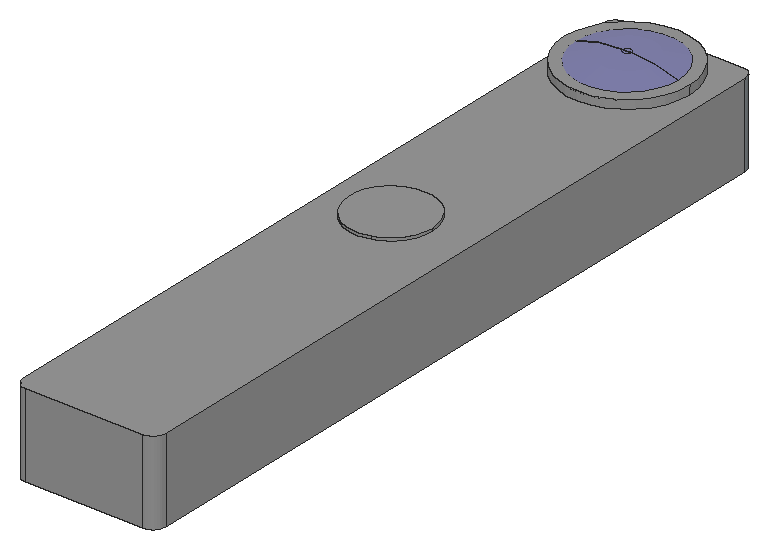
Revit family "VideoIntercom_TD33-53-63", category Security Devices, host Face, Revit 2019 (continued)
Definition of nested family "Speaker-RP"
  Lines and regions (in)
    model lines, visible <- "Speaker Wide"
      curve 621: circle (-1.71875, -3.29375, 0) r 0.04395 normal (0, 0, -1)
      curve 622: circle (-1.5625, -3.29375, 0) r 0.04395 normal (0, 0, -1)
      curve 623: circle (-1.40625, -3.29375, 0) r 0.04395 normal (0, 0, -1)
      curve 624: circle (-1.25, -3.29375, 0) r 0.04395 normal (0, 0, -1)
      curve 625: circle (-1.09375, -3.29375, 0) r 0.04395 normal (0, 0, -1)
      curve 626: circle (1.09375, -3.29375, 0) r 0.04395 normal (0, 0, -1)
      curve 627: circle (1.25, -3.29375, 0) r 0.04395 normal (0, 0, -1)
      curve 628: circle (1.40625, -3.29375, 0) r 0.04395 normal (0, 0, -1)
      curve 629: circle (1.5625, -3.29375, 0) r 0.04395 normal (0, 0, -1)
      curve 630: circle (1.71875, -3.29375, 0) r 0.04395 normal (0, 0, -1)
      curve 631: circle (1.875, -3.29375, 0) r 0.04395 normal (0, 0, -1)
      curve 632: circle (2.03125, -3.29375, 0) r 0.04395 normal (0, 0, -1)
      curve 633: circle (2.1875, -3.29375, 0) r 0.04395 normal (0, 0, -1)
      curve 634: circle (-2.1875, -3.45, 0) r 0.04395 normal (0, 0, -1)
      curve 635: circle (-2.03125, -3.45, 0) r 0.04395 normal (0, 0, -1)
      curve 636: circle (-1.875, -3.45, 0) r 0.04395 normal (0, 0, -1)
      curve 637: circle (-1.71875, -3.45, 0) r 0.04395 normal (0, 0, -1)
      curve 638: circle (-1.5625, -3.45, 0) r 0.04395 normal (0, 0, -1)
      curve 639: circle (-1.40625, -3.45, 0) r 0.04395 normal (0, 0, -1)
      curve 640: circle (-1.25, -3.45, 0) r 0.04395 normal (0, 0, -1)
      curve 641: circle (-1.09375, -3.45, 0) r 0.04395 normal (0, 0, -1)
      curve 642: circle (1.09375, -3.45, 0) r 0.04395 normal (0, 0, -1)
      curve 643: circle (1.25, -3.45, 0) r 0.04395 normal (0, 0, -1)
      curve 644: circle (1.40625, -3.45, 0) r 0.04395 normal (0, 0, -1)
      curve 645: circle (1.5625, -3.45, 0) r 0.04395 normal (0, 0, -1)
      curve 646: circle (1.71875, -3.45, 0) r 0.04395 normal (0, 0, -1)
      curve 647: circle (1.875, -3.45, 0) r 0.04395 normal (0, 0, -1)
      curve 648: circle (2.03125, -3.45, 0) r 0.04395 normal (0, 0, -1)
      curve 649: circle (2.1875, -3.45, 0) r 0.04395 normal (0, 0, -1)
      curve 650: circle (-2.1875, -3.60625, 0) r 0.04395 normal (0, 0, -1)
      curve 651: circle (-2.03125, -3.60625, 0) r 0.04395 normal (0, 0, -1)
      curve 652: circle (-1.875, -3.60625, 0) r 0.04395 normal (0, 0, -1)
      curve 653: circle (-1.71875, -3.60625, 0) r 0.04395 normal (0, 0, -1)
      curve 654: circle (-1.5625, -3.60625, 0) r 0.04395 normal (0, 0, -1)
      curve 655: circle (-1.40625, -3.60625, 0) r 0.04395 normal (0, 0, -1)
      curve 656: circle (-1.25, -3.60625, 0) r 0.04395 normal (0, 0, -1)
      curve 657: circle (-1.09375, -3.60625, 0) r 0.04395 normal (0, 0, -1)
      curve 658: circle (1.09375, -3.60625, 0) r 0.04395 normal (0, 0, -1)
      curve 659: circle (1.25, -3.60625, 0) r 0.04395 normal (0, 0, -1)
      curve 660: circle (1.40625, -3.60625, 0) r 0.04395 normal (0, 0, -1)
      curve 661: circle (1.5625, -3.60625, 0) r 0.04395 normal (0, 0, -1)
      curve 662: circle (1.71875, -3.60625, 0) r 0.04395 normal (0, 0, -1)
      curve 663: circle (1.875, -3.60625, 0) r 0.04395 normal (0, 0, -1)
      curve 664: circle (2.03125, -3.60625, 0) r 0.04395 normal (0, 0, -1)
      curve 665: circle (2.1875, -3.60625, 0) r 0.04395 normal (0, 0, -1)
      curve 666: circle (-2.1875, -3.7625, 0) r 0.04395 normal (0, 0, -1)
      curve 667: circle (-2.03125, -3.7625, 0) r 0.04395 normal (0, 0, -1)
      curve 668: circle (-1.875, -3.7625, 0) r 0.04395 normal (0, 0, -1)
      curve 669: circle (-1.71875, -3.7625, 0) r 0.04395 normal (0, 0, -1)
      curve 670: circle (-1.5625, -3.7625, 0) r 0.04395 normal (0, 0, -1)
      curve 671: circle (-1.40625, -3.7625, 0) r 0.04395 normal (0, 0, -1)
      curve 672: circle (-1.25, -3.7625, 0) r 0.04395 normal (0, 0, -1)
      curve 673: circle (-1.09375, -3.7625, 0) r 0.04395 normal (0, 0, -1)
      curve 674: circle (1.09375, -3.7625, 0) r 0.04395 normal (0, 0, -1)
      curve 675: circle (1.25, -3.7625, 0) r 0.04395 normal (0, 0, -1)
      curve 676: circle (1.40625, -3.7625, 0) r 0.04395 normal (0, 0, -1)
      curve 677: circle (1.5625, -3.7625, 0) r 0.04395 normal (0, 0, -1)
      curve 678: circle (1.71875, -3.7625, 0) r 0.04395 normal (0, 0, -1)
      curve 679: circle (1.875, -3.7625, 0) r 0.04395 normal (0, 0, -1)
      curve 680: circle (2.03125, -3.7625, 0) r 0.04395 normal (0, 0, -1)
      curve 681: circle (2.1875, -3.7625, 0) r 0.04395 normal (0, 0, -1)
      curve 682: circle (-2.1875, -3.91875, 0) r 0.04395 normal (0, 0, -1)
      curve 683: circle (-2.03125, -3.91875, 0) r 0.04395 normal (0, 0, -1)
      curve 684: circle (-1.875, -3.91875, 0) r 0.04395 normal (0, 0, -1)
      curve 685: circle (-1.71875, -3.91875, 0) r 0.04395 normal (0, 0, -1)
      curve 686: circle (-1.5625, -3.91875, 0) r 0.04395 normal (0, 0, -1)
      curve 687: circle (-1.40625, -3.91875, 0) r 0.04395 normal (0, 0, -1)
      curve 688: circle (-1.25, -3.91875, 0) r 0.04395 normal (0, 0, -1)
      curve 689: circle (-1.09375, -3.91875, 0) r 0.04395 normal (0, 0, -1)
      curve 690: circle (1.09375, -3.91875, 0) r 0.04395 normal (0, 0, -1)
      curve 691: circle (1.25, -3.91875, 0) r 0.04395 normal (0, 0, -1)
      curve 692: circle (1.40625, -3.91875, 0) r 0.04395 normal (0, 0, -1)
      curve 693: circle (1.5625, -3.91875, 0) r 0.04395 normal (0, 0, -1)
      curve 694: circle (1.71875, -3.91875, 0) r 0.04395 normal (0, 0, -1)
      curve 695: circle (1.875, -3.91875, 0) r 0.04395 normal (0, 0, -1)
      curve 696: circle (2.03125, -3.91875, 0) r 0.04395 normal (0, 0, -1)
      curve 697: circle (2.1875, -3.91875, 0) r 0.04395 normal (0, 0, -1)
      curve 698: circle (-2.1875, -4.075, 0) r 0.04395 normal (0, 0, -1)
      curve 699: circle (-2.03125, -4.075, 0) r 0.04395 normal (0, 0, -1)
      curve 700: circle (-1.875, -4.075, 0) r 0.04395 normal (0, 0, -1)
      curve 701: circle (-1.71875, -4.075, 0) r 0.04395 normal (0, 0, -1)
      curve 702: circle (-1.5625, -4.075, 0) r 0.04395 normal (0, 0, -1)
      curve 703: circle (-1.40625, -4.075, 0) r 0.04395 normal (0, 0, -1)
      curve 704: circle (-1.25, -4.075, 0) r 0.04395 normal (0, 0, -1)
      curve 705: circle (-1.09375, -4.075, 0) r 0.04395 normal (0, 0, -1)
      curve 706: circle (1.09375, -4.075, 0) r 0.04395 normal (0, 0, -1)
      curve 707: circle (1.25, -4.075, 0) r 0.04395 normal (0, 0, -1)
      curve 708: circle (1.40625, -4.075, 0) r 0.04395 normal (0, 0, -1)
      curve 709: circle (1.5625, -4.075, 0) r 0.04395 normal (0, 0, -1)
      curve 710: circle (1.71875, -4.075, 0) r 0.04395 normal (0, 0, -1)
      curve 711: circle (1.875, -4.075, 0) r 0.04395 normal (0, 0, -1)
      curve 712: circle (2.03125, -4.075, 0) r 0.04395 normal (0, 0, -1)
      curve 713: circle (2.1875, -4.075, 0) r 0.04395 normal (0, 0, -1)
      curve 714: circle (-2.1875, -4.23125, 0) r 0.04395 normal (0, 0, -1)
      curve 715: circle (-2.03125, -4.23125, 0) r 0.04395 normal (0, 0, -1)
      curve 716: circle (-1.875, -4.23125, 0) r 0.04395 normal (0, 0, -1)
      curve 717: circle (-1.71875, -4.23125, 0) r 0.04395 normal (0, 0, -1)
      curve 718: circle (-1.5625, -4.23125, 0) r 0.04395 normal (0, 0, -1)
      curve 719: circle (-1.40625, -4.23125, 0) r 0.04395 normal (0, 0, -1)
      curve 720: circle (-1.25, -4.23125, 0) r 0.04395 normal (0, 0, -1)
      curve 721: circle (-1.09375, -4.23125, 0) r 0.04395 normal (0, 0, -1)
      curve 722: circle (-0.9375, -4.23125, 0) r 0.04395 normal (0, 0, -1)
      curve 723: circle (-0.78125, -4.23125, 0) r 0.04395 normal (0, 0, -1)
      curve 724: circle (-0.625, -4.23125, 0) r 0.04395 normal (0, 0, -1)
      curve 725: circle (-0.46875, -4.23125, 0) r 0.04395 normal (0, 0, -1)
      curve 726: circle (-0.3125, -4.23125, 0) r 0.04395 normal (0, 0, -1)
      curve 727: circle (-0.15625, -4.23125, 0) r 0.04395 normal (0, 0, -1)
      curve 728: circle (0, -4.23125, 0) r 0.04395 normal (0, 0, -1)
      curve 729: circle (0.15625, -4.23125, 0) r 0.04395 normal (0, 0, -1)
      curve 730: circle (0.3125, -4.23125, 0) r 0.04395 normal (0, 0, -1)
      curve 731: circle (0.46875, -4.23125, 0) r 0.04395 normal (0, 0, -1)
      curve 732: circle (0.625, -4.23125, 0) r 0.04395 normal (0, 0, -1)
      curve 733: circle (0.78125, -4.23125, 0) r 0.04395 normal (0, 0, -1)
      curve 734: circle (0.9375, -4.23125, 0) r 0.04395 normal (0, 0, -1)
      curve 735: circle (1.09375, -4.23125, 0) r 0.04395 normal (0, 0, -1)
      curve 736: circle (1.25, -4.23125, 0) r 0.04395 normal (0, 0, -1)
      curve 737: circle (1.40625, -4.23125, 0) r 0.04395 normal (0, 0, -1)
      curve 738: circle (1.5625, -4.23125, 0) r 0.04395 normal (0, 0, -1)
      curve 739: circle (1.71875, -4.23125, 0) r 0.04395 normal (0, 0, -1)
      curve 740: circle (1.875, -4.23125, 0) r 0.04395 normal (0, 0, -1)
      curve 741: circle (2.03125, -4.23125, 0) r 0.04395 normal (0, 0, -1)
      curve 742: circle (2.1875, -4.23125, 0) r 0.04395 normal (0, 0, -1)
      curve 743: circle (-2.1875, -4.3875, 0) r 0.04395 normal (0, 0, -1)
      curve 744: circle (-2.03125, -4.3875, 0) r 0.04395 normal (0, 0, -1)
      curve 745: circle (-1.875, -4.3875, 0) r 0.04395 normal (0, 0, -1)
      curve 746: circle (-1.71875, -4.3875, 0) r 0.04395 normal (0, 0, -1)
      curve 747: circle (-1.5625, -4.3875, 0) r 0.04395 normal (0, 0, -1)
      curve 748: circle (-1.40625, -4.3875, 0) r 0.04395 normal (0, 0, -1)
      curve 749: circle (-1.25, -4.3875, 0) r 0.04395 normal (0, 0, -1)
      curve 750: circle (-1.09375, -4.3875, 0) r 0.04395 normal (0, 0, -1)
      curve 751: circle (-0.9375, -4.3875, 0) r 0.04395 normal (0, 0, -1)
      curve 752: circle (-0.78125, -4.3875, 0) r 0.04395 normal (0, 0, -1)
      curve 753: circle (-0.625, -4.3875, 0) r 0.04395 normal (0, 0, -1)
      curve 754: circle (-0.46875, -4.3875, 0) r 0.04395 normal (0, 0, -1)
      curve 755: circle (-0.3125, -4.3875, 0) r 0.04395 normal (0, 0, -1)
      curve 756: circle (-0.15625, -4.3875, 0) r 0.04395 normal (0, 0, -1)
      curve 757: circle (0, -4.3875, 0) r 0.04395 normal (0, 0, -1)
      curve 758: circle (0.15625, -4.3875, 0) r 0.04395 normal (0, 0, -1)
      curve 759: circle (0.3125, -4.3875, 0) r 0.04395 normal (0, 0, -1)
      curve 760: circle (0.46875, -4.3875, 0) r 0.04395 normal (0, 0, -1)
      curve 761: circle (0.625, -4.3875, 0) r 0.04395 normal (0, 0, -1)
      curve 762: circle (0.78125, -4.3875, 0) r 0.04395 normal (0, 0, -1)
      curve 763: circle (0.9375, -4.3875, 0) r 0.04395 normal (0, 0, -1)
      curve 764: circle (1.09375, -4.3875, 0) r 0.04395 normal (0, 0, -1)
      curve 765: circle (1.25, -4.3875, 0) r 0.04395 normal (0, 0, -1)
      curve 766: circle (1.40625, -4.3875, 0) r 0.04395 normal (0, 0, -1)
      curve 767: circle (1.5625, -4.3875, 0) r 0.04395 normal (0, 0, -1)
      curve 768: circle (1.71875, -4.3875, 0) r 0.04395 normal (0, 0, -1)
      curve 769: circle (1.875, -4.3875, 0) r 0.04395 normal (0, 0, -1)
      curve 770: circle (2.03125, -4.3875, 0) r 0.04395 normal (0, 0, -1)
      curve 771: circle (2.1875, -4.3875, 0) r 0.04395 normal (0, 0, -1)
      curve 772: circle (-2.1875, -4.54375, 0) r 0.04395 normal (0, 0, -1)
      curve 773: circle (-2.03125, -4.54375, 0) r 0.04395 normal (0, 0, -1)
      curve 774: circle (-1.875, -4.54375, 0) r 0.04395 normal (0, 0, -1)
      curve 775: circle (-1.71875, -4.54375, 0) r 0.04395 normal (0, 0, -1)
      curve 776: circle (-1.5625, -4.54375, 0) r 0.04395 normal (0, 0, -1)
      curve 777: circle (-1.40625, -4.54375, 0) r 0.04395 normal (0, 0, -1)
      curve 778: circle (-1.25, -4.54375, 0) r 0.04395 normal (0, 0, -1)
      curve 779: circle (-1.09375, -4.54375, 0) r 0.04395 normal (0, 0, -1)
      curve 780: circle (-0.9375, -4.54375, 0) r 0.04395 normal (0, 0, -1)
      curve 781: circle (-0.78125, -4.54375, 0) r 0.04395 normal (0, 0, -1)
      curve 782: circle (-0.625, -4.54375, 0) r 0.04395 normal (0, 0, -1)
      curve 783: circle (-0.46875, -4.54375, 0) r 0.04395 normal (0, 0, -1)
      curve 784: circle (-0.3125, -4.54375, 0) r 0.04395 normal (0, 0, -1)
      curve 785: circle (-0.15625, -4.54375, 0) r 0.04395 normal (0, 0, -1)
      curve 786: circle (0, -4.54375, 0) r 0.04395 normal (0, 0, -1)
      curve 787: circle (0.15625, -4.54375, 0) r 0.04395 normal (0, 0, -1)
      curve 788: circle (0.3125, -4.54375, 0) r 0.04395 normal (0, 0, -1)
      curve 789: circle (0.46875, -4.54375, 0) r 0.04395 normal (0, 0, -1)
      curve 790: circle (0.625, -4.54375, 0) r 0.04395 normal (0, 0, -1)
      curve 791: circle (0.78125, -4.54375, 0) r 0.04395 normal (0, 0, -1)
      curve 792: circle (0.9375, -4.54375, 0) r 0.04395 normal (0, 0, -1)
      curve 793: circle (1.09375, -4.54375, 0) r 0.04395 normal (0, 0, -1)
      curve 794: circle (1.25, -4.54375, 0) r 0.04395 normal (0, 0, -1)
      curve 795: circle (1.40625, -4.54375, 0) r 0.04395 normal (0, 0, -1)
      curve 796: circle (1.5625, -4.54375, 0) r 0.04395 normal (0, 0, -1)
      curve 797: circle (1.71875, -4.54375, 0) r 0.04395 normal (0, 0, -1)
      curve 798: circle (1.875, -4.54375, 0) r 0.04395 normal (0, 0, -1)
      curve 799: circle (2.03125, -4.54375, 0) r 0.04395 normal (0, 0, -1)
      curve 800: circle (2.1875, -4.54375, 0) r 0.04395 normal (0, 0, -1)
      curve 1005: circle (-0.9375, -3.29375, 0) r 0.04395 normal (0, 0, -1)
      curve 1006: circle (-0.78125, -3.29375, 0) r 0.04395 normal (0, 0, -1)
      curve 1007: circle (-0.9375, -3.45, 0) r 0.04395 normal (0, 0, -1)
      curve 1008: circle (-0.78125, -3.45, 0) r 0.04395 normal (0, 0, -1)
      curve 1009: circle (-0.9375, -3.60625, 0) r 0.04395 normal (0, 0, -1)
      curve 1010: circle (-0.78125, -3.60625, 0) r 0.04395 normal (0, 0, -1)
      curve 1011: circle (-0.9375, -3.7625, 0) r 0.04395 normal (0, 0, -1)
      curve 1012: circle (-0.78125, -3.7625, 0) r 0.04395 normal (0, 0, -1)
      curve 1013: circle (-0.9375, -3.91875, 0) r 0.04395 normal (0, 0, -1)
      curve 1014: circle (-0.78125, -3.91875, 0) r 0.04395 normal (0, 0, -1)
      curve 1015: circle (-0.9375, -4.075, 0) r 0.04395 normal (0, 0, -1)
      curve 1016: circle (-0.78125, -4.075, 0) r 0.04395 normal (0, 0, -1)
      curve 1017: circle (0.78125, -3.29375, 0) r 0.04395 normal (0, 0, -1)
      curve 1018: circle (0.9375, -3.29375, 0) r 0.04395 normal (0, 0, -1)
      curve 1019: circle (0.78125, -3.45, 0) r 0.04395 normal (0, 0, -1)
      curve 1020: circle (0.9375, -3.45, 0) r 0.04395 normal (0, 0, -1)
      curve 1021: circle (0.78125, -3.60625, 0) r 0.04395 normal (0, 0, -1)
      curve 1022: circle (0.9375, -3.60625, 0) r 0.04395 normal (0, 0, -1)
      curve 1023: circle (0.78125, -3.7625, 0) r 0.04395 normal (0, 0, -1)
      curve 1024: circle (0.9375, -3.7625, 0) r 0.04395 normal (0, 0, -1)
      curve 1025: circle (0.78125, -3.91875, 0) r 0.04395 normal (0, 0, -1)
      curve 1026: circle (0.9375, -3.91875, 0) r 0.04395 normal (0, 0, -1)
      curve 1027: circle (0.78125, -4.075, 0) r 0.04395 normal (0, 0, -1)
      curve 1028: circle (0.9375, -4.075, 0) r 0.04395 normal (0, 0, -1)
      curve 1029: circle (-0.625, -3.29375, 0) r 0.04395 normal (0, 0, -1)
      curve 1030: circle (-0.46875, -3.29375, 0) r 0.04395 normal (0, 0, -1)
      curve 1031: circle (-0.3125, -3.29375, 0) r 0.04395 normal (0, 0, -1)
      curve 1032: circle (-0.15625, -3.29375, 0) r 0.04395 normal (0, 0, -1)
      curve 1033: circle (0, -3.29375, 0) r 0.04395 normal (0, 0, -1)
      curve 1034: circle (0.15625, -3.29375, 0) r 0.04395 normal (0, 0, -1)
      curve 1035: circle (0.3125, -3.29375, 0) r 0.04395 normal (0, 0, -1)
      curve 1036: circle (0.46875, -3.29375, 0) r 0.04395 normal (0, 0, -1)
      curve 1037: circle (0.625, -3.29375, 0) r 0.04395 normal (0, 0, -1)
      curve 1038: circle (-0.625, -4.075, 0) r 0.04395 normal (0, 0, -1)
      curve 1039: circle (-0.46875, -4.075, 0) r 0.04395 normal (0, 0, -1)
      curve 1040: circle (-0.3125, -4.075, 0) r 0.04395 normal (0, 0, -1)
      curve 1041: circle (-0.15625, -4.075, 0) r 0.04395 normal (0, 0, -1)
      curve 1042: circle (0, -4.075, 0) r 0.04395 normal (0, 0, -1)
      curve 1043: circle (0.15625, -4.075, 0) r 0.04395 normal (0, 0, -1)
      curve 1044: circle (0.3125, -4.075, 0) r 0.04395 normal (0, 0, -1)
      curve 1045: circle (0.46875, -4.075, 0) r 0.04395 normal (0, 0, -1)
      curve 1046: circle (0.625, -4.075, 0) r 0.04395 normal (0, 0, -1)
      curve 1047: circle (0.46875, -3.45, 0) r 0.04395 normal (0, 0, -1)
      curve 1048: circle (0.625, -3.45, 0) r 0.04395 normal (0, 0, -1)
      curve 1049: circle (0.46875, -3.60625, 0) r 0.04395 normal (0, 0, -1)
      curve 1050: circle (0.625, -3.60625, 0) r 0.04395 normal (0, 0, -1)
      curve 1051: circle (0.46875, -3.7625, 0) r 0.04395 normal (0, 0, -1)
      curve 1052: circle (0.625, -3.7625, 0) r 0.04395 normal (0, 0, -1)
      curve 1053: circle (0.46875, -3.91875, 0) r 0.04395 normal (0, 0, -1)
      curve 1054: circle (0.625, -3.91875, 0) r 0.04395 normal (0, 0, -1)
      curve 1055: circle (-0.625, -3.45, 0) r 0.04395 normal (0, 0, -1)
      curve 1056: circle (-0.46875, -3.45, 0) r 0.04395 normal (0, 0, -1)
      curve 1057: circle (-0.625, -3.60625, 0) r 0.04395 normal (0, 0, -1)
      curve 1058: circle (-0.46875, -3.60625, 0) r 0.04395 normal (0, 0, -1)
      curve 1059: circle (-0.625, -3.7625, 0) r 0.04395 normal (0, 0, -1)
      curve 1060: circle (-0.46875, -3.7625, 0) r 0.04395 normal (0, 0, -1)
      curve 1061: circle (-0.625, -3.91875, 0) r 0.04395 normal (0, 0, -1)
      curve 1062: circle (-0.46875, -3.91875, 0) r 0.04395 normal (0, 0, -1)
    model lines, visible <- "Speaker Thin"
      curve 801: circle (-0.625, -4.54375, 0) r 0.04395 normal (0, 0, -1)
      curve 802: circle (-0.46875, -4.54375, 0) r 0.04395 normal (0, 0, -1)
      curve 803: circle (-0.3125, -4.54375, 0) r 0.04395 normal (0, 0, -1)
      curve 804: circle (-0.15625, -4.54375, 0) r 0.04395 normal (0, 0, -1)
      curve 805: circle (0, -4.54375, 0) r 0.04395 normal (0, 0, -1)
      curve 806: circle (0.15625, -4.54375, 0) r 0.04395 normal (0, 0, -1)
      curve 807: circle (0.3125, -4.54375, 0) r 0.04395 normal (0, 0, -1)
      curve 808: circle (0.46875, -4.54375, 0) r 0.04395 normal (0, 0, -1)
      curve 809: circle (0.625, -4.54375, 0) r 0.04395 normal (0, 0, -1)
      curve 810: circle (-0.625, -4.3875, 0) r 0.04395 normal (0, 0, -1)
      curve 811: circle (-0.46875, -4.3875, 0) r 0.04395 normal (0, 0, -1)
      curve 812: circle (-0.3125, -4.3875, 0) r 0.04395 normal (0, 0, -1)
      curve 813: circle (-0.15625, -4.3875, 0) r 0.04395 normal (0, 0, -1)
      curve 814: circle (0, -4.3875, 0) r 0.04395 normal (0, 0, -1)
      curve 815: circle (0.15625, -4.3875, 0) r 0.04395 normal (0, 0, -1)
      curve 816: circle (0.3125, -4.3875, 0) r 0.04395 normal (0, 0, -1)
      curve 817: circle (0.46875, -4.3875, 0) r 0.04395 normal (0, 0, -1)
      curve 818: circle (0.625, -4.3875, 0) r 0.04395 normal (0, 0, -1)
      curve 819: circle (-0.625, -4.23125, 0) r 0.04395 normal (0, 0, -1)
      curve 820: circle (-0.46875, -4.23125, 0) r 0.04395 normal (0, 0, -1)
      curve 821: circle (-0.3125, -4.23125, 0) r 0.04395 normal (0, 0, -1)
      curve 822: circle (-0.15625, -4.23125, 0) r 0.04395 normal (0, 0, -1)
      curve 823: circle (0, -4.23125, 0) r 0.04395 normal (0, 0, -1)
      curve 824: circle (0.15625, -4.23125, 0) r 0.04395 normal (0, 0, -1)
      curve 825: circle (0.3125, -4.23125, 0) r 0.04395 normal (0, 0, -1)
      curve 826: circle (0.46875, -4.23125, 0) r 0.04395 normal (0, 0, -1)
      curve 827: circle (0.625, -4.23125, 0) r 0.04395 normal (0, 0, -1)
      curve 828: circle (-0.625, -4.075, 0) r 0.04395 normal (0, 0, -1)
      curve 829: circle (-0.46875, -4.075, 0) r 0.04395 normal (0, 0, -1)
      curve 830: circle (-0.3125, -4.075, 0) r 0.04395 normal (0, 0, -1)
      curve 831: circle (-0.15625, -4.075, 0) r 0.04395 normal (0, 0, -1)
      curve 832: circle (0, -4.075, 0) r 0.04395 normal (0, 0, -1)
      curve 833: circle (0.15625, -4.075, 0) r 0.04395 normal (0, 0, -1)
      curve 834: circle (0.3125, -4.075, 0) r 0.04395 normal (0, 0, -1)
      curve 835: circle (0.46875, -4.075, 0) r 0.04395 normal (0, 0, -1)
      curve 836: circle (0.625, -4.075, 0) r 0.04395 normal (0, 0, -1)
      curve 837: circle (-0.625, -3.91875, 0) r 0.04395 normal (0, 0, -1)
      curve 838: circle (-0.46875, -3.91875, 0) r 0.04395 normal (0, 0, -1)
      curve 839: circle (-0.3125, -3.91875, 0) r 0.04395 normal (0, 0, -1)
      curve 840: circle (0.3125, -3.91875, 0) r 0.04395 normal (0, 0, -1)
      curve 841: circle (0.46875, -3.91875, 0) r 0.04395 normal (0, 0, -1)
      curve 842: circle (0.625, -3.91875, 0) r 0.04395 normal (0, 0, -1)
      curve 843: circle (-0.625, -3.7625, 0) r 0.04395 normal (0, 0, -1)
      curve 844: circle (-0.46875, -3.7625, 0) r 0.04395 normal (0, 0, -1)
      curve 845: circle (-0.3125, -3.7625, 0) r 0.04395 normal (0, 0, -1)
      curve 846: circle (0.3125, -3.7625, 0) r 0.04395 normal (0, 0, -1)
      curve 847: circle (0.46875, -3.7625, 0) r 0.04395 normal (0, 0, -1)
      curve 848: circle (0.625, -3.7625, 0) r 0.04395 normal (0, 0, -1)
      curve 849: circle (-0.625, -3.60625, 0) r 0.04395 normal (0, 0, -1)
      curve 850: circle (-0.46875, -3.60625, 0) r 0.04395 normal (0, 0, -1)
      curve 851: circle (-0.3125, -3.60625, 0) r 0.04395 normal (0, 0, -1)
      curve 852: circle (0.3125, -3.60625, 0) r 0.04395 normal (0, 0, -1)
      curve 853: circle (0.46875, -3.60625, 0) r 0.04395 normal (0, 0, -1)
      curve 854: circle (0.625, -3.60625, 0) r 0.04395 normal (0, 0, -1)
      curve 855: circle (-0.625, -3.45, 0) r 0.04395 normal (0, 0, -1)
      curve 856: circle (-0.46875, -3.45, 0) r 0.04395 normal (0, 0, -1)
      curve 857: circle (-0.3125, -3.45, 0) r 0.04395 normal (0, 0, -1)
      curve 858: circle (0.3125, -3.45, 0) r 0.04395 normal (0, 0, -1)
      curve 859: circle (0.46875, -3.45, 0) r 0.04395 normal (0, 0, -1)
      curve 860: circle (0.625, -3.45, 0) r 0.04395 normal (0, 0, -1)
      curve 861: circle (-0.625, -3.29375, 0) r 0.04395 normal (0, 0, -1)
      curve 862: circle (-0.46875, -3.29375, 0) r 0.04395 normal (0, 0, -1)
      curve 863: circle (-0.3125, -3.29375, 0) r 0.04395 normal (0, 0, -1)
      curve 864: circle (-0.15625, -3.29375, 0) r 0.04395 normal (0, 0, -1)
      curve 865: circle (0, -3.29375, 0) r 0.04395 normal (0, 0, -1)
      curve 866: circle (0.15625, -3.29375, 0) r 0.04395 normal (0, 0, -1)
      curve 867: circle (0.3125, -3.29375, 0) r 0.04395 normal (0, 0, -1)
      curve 868: circle (0.46875, -3.29375, 0) r 0.04395 normal (0, 0, -1)
      curve 869: circle (0.625, -3.29375, 0) r 0.04395 normal (0, 0, -1)
      curve 870: circle (-0.625, -3.1375, 0) r 0.04395 normal (0, 0, -1)
      curve 871: circle (-0.46875, -3.1375, 0) r 0.04395 normal (0, 0, -1)
      curve 872: circle (-0.3125, -3.1375, 0) r 0.04395 normal (0, 0, -1)
      curve 873: circle (-0.15625, -3.1375, 0) r 0.04395 normal (0, 0, -1)
      curve 874: circle (0, -3.1375, 0) r 0.04395 normal (0, 0, -1)
      curve 875: circle (0.15625, -3.1375, 0) r 0.04395 normal (0, 0, -1)
      curve 876: circle (0.3125, -3.1375, 0) r 0.04395 normal (0, 0, -1)
      curve 877: circle (0.46875, -3.1375, 0) r 0.04395 normal (0, 0, -1)
      curve 878: circle (0.625, -3.1375, 0) r 0.04395 normal (0, 0, -1)
      curve 879: circle (-0.625, -2.98125, 0) r 0.04395 normal (0, 0, -1)
      curve 880: circle (-0.46875, -2.98125, 0) r 0.04395 normal (0, 0, -1)
      curve 881: circle (-0.3125, -2.98125, 0) r 0.04395 normal (0, 0, -1)
      curve 882: circle (-0.15625, -2.98125, 0) r 0.04395 normal (0, 0, -1)
      curve 883: circle (0, -2.98125, 0) r 0.04395 normal (0, 0, -1)
      curve 884: circle (0.15625, -2.98125, 0) r 0.04395 normal (0, 0, -1)
      curve 885: circle (0.3125, -2.98125, 0) r 0.04395 normal (0, 0, -1)
      curve 886: circle (0.46875, -2.98125, 0) r 0.04395 normal (0, 0, -1)
      curve 887: circle (0.625, -2.98125, 0) r 0.04395 normal (0, 0, -1)
      curve 888: circle (-0.625, -2.825, 0) r 0.04395 normal (0, 0, -1)
      curve 889: circle (-0.46875, -2.825, 0) r 0.04395 normal (0, 0, -1)
      curve 890: circle (-0.3125, -2.825, 0) r 0.04395 normal (0, 0, -1)
      curve 891: circle (-0.15625, -2.825, 0) r 0.04395 normal (0, 0, -1)
      curve 892: circle (0, -2.825, 0) r 0.04395 normal (0, 0, -1)
      curve 893: circle (0.15625, -2.825, 0) r 0.04395 normal (0, 0, -1)
      curve 894: circle (0.3125, -2.825, 0) r 0.04395 normal (0, 0, -1)
      curve 895: circle (0.46875, -2.825, 0) r 0.04395 normal (0, 0, -1)
      curve 896: circle (0.625, -2.825, 0) r 0.04395 normal (0, 0, -1)
      curve 897: circle (-0.625, -2.66875, 0) r 0.04395 normal (0, 0, -1)
      curve 898: circle (-0.46875, -2.66875, 0) r 0.04395 normal (0, 0, -1)
      curve 899: circle (-0.3125, -2.66875, 0) r 0.04395 normal (0, 0, -1)
      curve 900: circle (-0.15625, -2.66875, 0) r 0.04395 normal (0, 0, -1)
      curve 901: circle (0, -2.66875, 0) r 0.04395 normal (0, 0, -1)
      curve 902: circle (0.15625, -2.66875, 0) r 0.04395 normal (0, 0, -1)
      curve 903: circle (0.3125, -2.66875, 0) r 0.04395 normal (0, 0, -1)
      curve 904: circle (0.46875, -2.66875, 0) r 0.04395 normal (0, 0, -1)
      curve 905: circle (0.625, -2.66875, 0) r 0.04395 normal (0, 0, -1)
      curve 906: circle (-0.625, -2.5125, 0) r 0.04395 normal (0, 0, -1)
      curve 907: circle (-0.46875, -2.5125, 0) r 0.04395 normal (0, 0, -1)
      curve 908: circle (-0.3125, -2.5125, 0) r 0.04395 normal (0, 0, -1)
      curve 909: circle (-0.15625, -2.5125, 0) r 0.04395 normal (0, 0, -1)
      curve 910: circle (0, -2.5125, 0) r 0.04395 normal (0, 0, -1)
      curve 911: circle (0.15625, -2.5125, 0) r 0.04395 normal (0, 0, -1)
      curve 912: circle (0.3125, -2.5125, 0) r 0.04395 normal (0, 0, -1)
      curve 913: circle (0.46875, -2.5125, 0) r 0.04395 normal (0, 0, -1)
      curve 914: circle (0.625, -2.5125, 0) r 0.04395 normal (0, 0, -1)
      curve 915: circle (-0.625, -2.35625, 0) r 0.04395 normal (0, 0, -1)
      curve 916: circle (-0.46875, -2.35625, 0) r 0.04395 normal (0, 0, -1)
      curve 917: circle (-0.3125, -2.35625, 0) r 0.04395 normal (0, 0, -1)
      curve 918: circle (-0.15625, -2.35625, 0) r 0.04395 normal (0, 0, -1)
      curve 919: circle (0, -2.35625, 0) r 0.04395 normal (0, 0, -1)
      curve 920: circle (0.15625, -2.35625, 0) r 0.04395 normal (0, 0, -1)
      curve 921: circle (0.3125, -2.35625, 0) r 0.04395 normal (0, 0, -1)
      curve 922: circle (0.46875, -2.35625, 0) r 0.04395 normal (0, 0, -1)
      curve 923: circle (0.625, -2.35625, 0) r 0.04395 normal (0, 0, -1)
      curve 924: circle (-0.625, -2.2, 0) r 0.04395 normal (0, 0, -1)
      curve 925: circle (-0.46875, -2.2, 0) r 0.04395 normal (0, 0, -1)
      curve 926: circle (-0.3125, -2.2, 0) r 0.04395 normal (0, 0, -1)
      curve 927: circle (-0.15625, -2.2, 0) r 0.04395 normal (0, 0, -1)
      curve 928: circle (0, -2.2, 0) r 0.04395 normal (0, 0, -1)
      curve 929: circle (0.15625, -2.2, 0) r 0.04395 normal (0, 0, -1)
      curve 930: circle (0.3125, -2.2, 0) r 0.04395 normal (0, 0, -1)
      curve 931: circle (0.46875, -2.2, 0) r 0.04395 normal (0, 0, -1)
      curve 932: circle (0.625, -2.2, 0) r 0.04395 normal (0, 0, -1)
      curve 933: circle (-0.625, -2.04375, 0) r 0.04395 normal (0, 0, -1)
      curve 934: circle (-0.46875, -2.04375, 0) r 0.04395 normal (0, 0, -1)
      curve 935: circle (-0.3125, -2.04375, 0) r 0.04395 normal (0, 0, -1)
      curve 936: circle (-0.15625, -2.04375, 0) r 0.04395 normal (0, 0, -1)
      curve 937: circle (0, -2.04375, 0) r 0.04395 normal (0, 0, -1)
      curve 938: circle (0.15625, -2.04375, 0) r 0.04395 normal (0, 0, -1)
      curve 939: circle (0.3125, -2.04375, 0) r 0.04395 normal (0, 0, -1)
      curve 940: circle (0.46875, -2.04375, 0) r 0.04395 normal (0, 0, -1)
      curve 941: circle (0.625, -2.04375, 0) r 0.04395 normal (0, 0, -1)
      curve 942: circle (-0.625, -1.8875, 0) r 0.04395 normal (0, 0, -1)
      curve 943: circle (-0.46875, -1.8875, 0) r 0.04395 normal (0, 0, -1)
      curve 944: circle (-0.3125, -1.8875, 0) r 0.04395 normal (0, 0, -1)
      curve 945: circle (-0.15625, -1.8875, 0) r 0.04395 normal (0, 0, -1)
      curve 946: circle (0, -1.8875, 0) r 0.04395 normal (0, 0, -1)
      curve 947: circle (0.15625, -1.8875, 0) r 0.04395 normal (0, 0, -1)
      curve 948: circle (0.3125, -1.8875, 0) r 0.04395 normal (0, 0, -1)
      curve 949: circle (0.46875, -1.8875, 0) r 0.04395 normal (0, 0, -1)
      curve 950: circle (0.625, -1.8875, 0) r 0.04395 normal (0, 0, -1)
      curve 951: circle (-0.625, -1.73125, 0) r 0.04395 normal (0, 0, -1)
      curve 952: circle (-0.46875, -1.73125, 0) r 0.04395 normal (0, 0, -1)
      curve 953: circle (-0.3125, -1.73125, 0) r 0.04395 normal (0, 0, -1)
      curve 954: circle (-0.15625, -1.73125, 0) r 0.04395 normal (0, 0, -1)
      curve 955: circle (0, -1.73125, 0) r 0.04395 normal (0, 0, -1)
      curve 956: circle (0.15625, -1.73125, 0) r 0.04395 normal (0, 0, -1)
      curve 957: circle (0.3125, -1.73125, 0) r 0.04395 normal (0, 0, -1)
      curve 958: circle (0.46875, -1.73125, 0) r 0.04395 normal (0, 0, -1)
      curve 959: circle (0.625, -1.73125, 0) r 0.04395 normal (0, 0, -1)
      curve 960: circle (-0.625, -1.575, 0) r 0.04395 normal (0, 0, -1)
      curve 961: circle (-0.46875, -1.575, 0) r 0.04395 normal (0, 0, -1)
      curve 962: circle (-0.3125, -1.575, 0) r 0.04395 normal (0, 0, -1)
      curve 963: circle (-0.15625, -1.575, 0) r 0.04395 normal (0, 0, -1)
      curve 964: circle (0, -1.575, 0) r 0.04395 normal (0, 0, -1)
      curve 965: circle (0.15625, -1.575, 0) r 0.04395 normal (0, 0, -1)
      curve 966: circle (0.3125, -1.575, 0) r 0.04395 normal (0, 0, -1)
      curve 967: circle (0.46875, -1.575, 0) r 0.04395 normal (0, 0, -1)
      curve 968: circle (0.625, -1.575, 0) r 0.04395 normal (0, 0, -1)
      curve 969: circle (-0.625, -1.41875, 0) r 0.04395 normal (0, 0, -1)
      curve 970: circle (-0.46875, -1.41875, 0) r 0.04395 normal (0, 0, -1)
      curve 971: circle (-0.3125, -1.41875, 0) r 0.04395 normal (0, 0, -1)
      curve 972: circle (-0.15625, -1.41875, 0) r 0.04395 normal (0, 0, -1)
      curve 973: circle (0, -1.41875, 0) r 0.04395 normal (0, 0, -1)
      curve 974: circle (0.15625, -1.41875, 0) r 0.04395 normal (0, 0, -1)
      curve 975: circle (0.3125, -1.41875, 0) r 0.04395 normal (0, 0, -1)
      curve 976: circle (0.46875, -1.41875, 0) r 0.04395 normal (0, 0, -1)
      curve 977: circle (0.625, -1.41875, 0) r 0.04395 normal (0, 0, -1)
      curve 978: circle (-0.625, -1.2625, 0) r 0.04395 normal (0, 0, -1)
      curve 979: circle (-0.46875, -1.2625, 0) r 0.04395 normal (0, 0, -1)
      curve 980: circle (-0.3125, -1.2625, 0) r 0.04395 normal (0, 0, -1)
      curve 981: circle (-0.15625, -1.2625, 0) r 0.04395 normal (0, 0, -1)
      curve 982: circle (0, -1.2625, 0) r 0.04395 normal (0, 0, -1)
      curve 983: circle (0.15625, -1.2625, 0) r 0.04395 normal (0, 0, -1)
      curve 984: circle (0.3125, -1.2625, 0) r 0.04395 normal (0, 0, -1)
      curve 985: circle (0.46875, -1.2625, 0) r 0.04395 normal (0, 0, -1)
      curve 986: circle (0.625, -1.2625, 0) r 0.04395 normal (0, 0, -1)
      curve 987: circle (-0.625, -1.10625, 0) r 0.04395 normal (0, 0, -1)
      curve 988: circle (-0.46875, -1.10625, 0) r 0.04395 normal (0, 0, -1)
      curve 989: circle (-0.3125, -1.10625, 0) r 0.04395 normal (0, 0, -1)
      curve 990: circle (-0.15625, -1.10625, 0) r 0.04395 normal (0, 0, -1)
      curve 991: circle (0, -1.10625, 0) r 0.04395 normal (0, 0, -1)
      curve 992: circle (0.15625, -1.10625, 0) r 0.04395 normal (0, 0, -1)
      curve 993: circle (0.3125, -1.10625, 0) r 0.04395 normal (0, 0, -1)
      curve 994: circle (0.46875, -1.10625, 0) r 0.04395 normal (0, 0, -1)
      curve 995: circle (0.625, -1.10625, 0) r 0.04395 normal (0, 0, -1)
      curve 996: circle (-0.625, -0.95, 0) r 0.04395 normal (0, 0, -1)
      curve 997: circle (-0.46875, -0.95, 0) r 0.04395 normal (0, 0, -1)
      curve 998: circle (-0.3125, -0.95, 0) r 0.04395 normal (0, 0, -1)
      curve 999: circle (-0.15625, -0.95, 0) r 0.04395 normal (0, 0, -1)
      curve 1000: circle (0, -0.95, 0) r 0.04395 normal (0, 0, -1)
      curve 1001: circle (0.15625, -0.95, 0) r 0.04395 normal (0, 0, -1)
      curve 1002: circle (0.3125, -0.95, 0) r 0.04395 normal (0, 0, -1)
      curve 1003: circle (0.46875, -0.95, 0) r 0.04395 normal (0, 0, -1)
      curve 1004: circle (0.625, -0.95, 0) r 0.04395 normal (0, 0, -1)
  Dimensions and locks (in)
    aligned and locked: plane 2 to level
Types (3): name | Width | Verkada Material | URL | Type Image | Speaker Wide | Speaker Thin | Model | Length | Keypad | Height | Camera Offset Top | Camera Base Wide | Camera Base Thin | Call Button Top
  TD33-HW | 1.7" | Verkada Black | "https://www.verkada.com/intercom/td33/" | TD33.png | no | yes | "TD63-HW" | 9.0" | no | 1.1" | 0.1" | no | yes | 3.9"
  TD53-HW | 4.7" | Verkada Grey | "https://www.verkada.com/intercom/td53/" | TD53.png | yes | no | "TD53-HW" | 9.0" | no | 1.3" | 0.3" | yes | no | 3.0"
  TD63-HW | 4.7" | Verkada Grey | "https://www.verkada.com/intercom/td63/" | TD63.png | yes | no | "TD63-HW" | 10.4" | yes | 1.3" | 0.4" | yes | no | 4.5"
